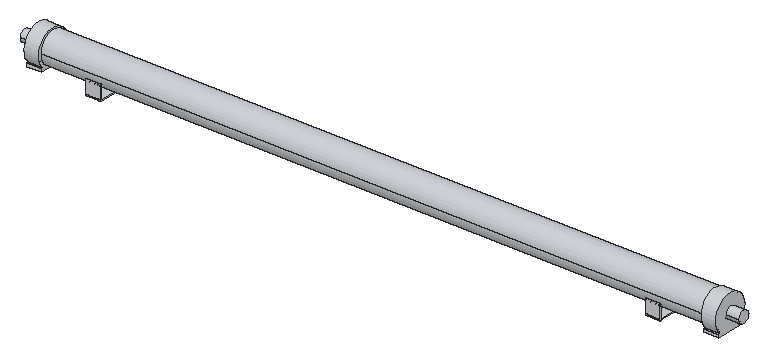
Revit family "0046371", category Lighting Fixtures, host Face, Revit 2017
Family settings
  Host = Face
  Round Connector Dimension = Use Diameter
  Part Type = Normal
  OmniClass Number = 23.80.70.00
  OmniClass Title = Lighting
  Cut with Voids When Loaded = No
  Light Source = Yes
  Shared = No
  Room Calculation Point = No
Parameters (values of type "0046371 ST WTRPRF SLIM 1500 IP65 3800LM 840")
  Weight = "11.16 kg"
  Wattage Comments = ""
  Wattage = 0 W
  WarrantyStartDate [instance] = "n/a"
  WarrantyGuarantorParts = "n/a"
  WarrantyDurationUnit = "n/a"
  WarrantyDurationParts = "n/a"
  WarrantyDescription = "n/a"
  built-in parameter 1150110 = 1 (stored number, unit not read)
  Voltage = 0 V
  URL = "http://www.sylvania-lighting.com"
  TypeName = "START Waterproof Slim 1500 IP65 3800lm 840"
  Type Image = <None>
  Type Comments = "n/a"
  built-in parameter 1114217 = 1 (stored number, unit not read)
  Tilt Angle = -90.00°
  built-in parameter 1150109 = 1 (stored number, unit not read)
  built-in parameter 1150134 = 12
  built-in parameter 1150113 = 1 (stored number, unit not read)
  SerialNumber [instance] = "n/a"
  Photometric Web File = "0046371.ies"
  Material_3_SYL = none
  PowerFactor = 0
  PowerConsumption = "n/a"
  NominalLength = 1403 mm
  NominalHeight = 64.5 mm
  NominalDepth = 67 mm
  Name = "START Waterproof Slim 1500 IP65 3800lm 840"
  ModelReference = Name  # "START Waterproof Slim 1500 IP65 3800lm 840"
  ModelNumber = "0046371"
  Model = Name  # "START Waterproof Slim 1500 IP65 3800lm 840"
  Material = "n/a"
  ManufacturerName = "Feilo Sylvania"
  Manufacturer = "Feilo Sylvania"
  MID_W_DIST_SYL = 47 mm
  LuminousEfficacy = "136 lm/W"
  built-in parameter 1150105 = (empty or 0)
  Lumens = 0 lm
  LuminaireType = ""
  built-in parameter 1150115 = 1 (stored number, unit not read)
  LightOutputRatio = "n/a"
  built-in parameter 1150137 = (empty or 0)
  built-in parameter 1150139 = (empty or 0)
  LampsType = Lamp  # "LED"
  LampNominalLuminous = "3800 lm"
  LampMacAdamStep = "n/a"
  LampColourTemperature = "4000 K"
  LampColourRenderingIndex = "80"
  built-in parameter 1150112 = 1 (stored number, unit not read)
  built-in parameter 1150114 = 1 (stored number, unit not read)
  Lamp = "LED"
  LENGHT_-1_SYL = (-1) * (LENGHT1_SYL)  # -686 mm
  LENGHT1_SYL = 686 mm
  LAM_D_SYL = 32.5 mm
  Keynote = "16500"
  InstallationDate [instance] = "n/a"
  InputVoltage = "n/a"
  InputNominalFrequency = "n/a"
  built-in parameter 1150132 = (empty or 0)
  built-in parameter 1150102 = (empty or 0)
  built-in parameter 1150107 = 4000 (stored number, unit not read)
  built-in parameter 1150138 = (empty or 0)
  IngressProtection = "IP65"
  ImpactProtectionIndex = "IK08"
  built-in parameter 1150106 = (empty or 0)
  IfcExportType = "IfcLightFixtureType"
  IfcExportAs = "IfcLightFixtureType"
  Emit from Circle Diameter = 609.6 mm
  Emit Shape Visible in Rendering = no
  ElectricShockClassification = "Class I"
  built-in parameter 1150104 = 12.635 (stored number, unit not read)
  DocumentationLiterature = "http://www.sylvania-lighting.com/product/en-int/products/0046371"
  DimmingControlOptions = "n/a"
  Material_2_SYL = none
  Dimming Lamp Color Temperature Shift = <None>
  Description = "START Waterproof Slim is a LED integrated polycarbonate housing luminaire with easy to access electrical terminal through bayonet lock end caps and tool-free electrical connection due to push-in terminal. Flexible installation as mounting brackets can be positioned freely on the luminaire. 28W; 3800lm; High efficiency with 136lm/W and 100,000 hours lifespan L70B50. SDCM < 5; IP65; IK08; Class I; 1488mm x 70mm x 69mm."
  Default Elevation = 1219.2 mm
  CreatedOn = "5/11/2021"
  CreatedBy = "@sylvania-lighting.com"
  Cost = 0
  Color Filter = 16777215
  built-in parameter 1114216 [instance] = (empty or 0)
  ClassificationValue = "EF_70_80"
  ClassificationName = "Uniclass2015"
  Material_1_SYL = none
  BarCode [instance] = "n/a"
  built-in parameter 1114218 = 1 (stored number, unit not read)
  built-in parameter 1150133 = 10 (stored number, unit not read)
  AssetType = "Fixed"
  AssetIdentifier [instance] = "n/a"
  Assembly Code = "D5020200"
  Apparent Load = 0 VA
  Material_4_SYL = none
Types (4, lengths in mm): name | TypeName | built-in parameter 1150134 | Photometric Web File | Name | ModelReference | ModelNumber | Model | LampNominalLuminous | LampColourTemperature | built-in parameter 1150107 | DocumentationLiterature | Description
  0046376 ST WTRPRF SLIM 1500 IP65 3800LM 865 | "START Waterproof Slim 1500 IP65 3800lm 865" | 1 | "0046376.ies" | "START Waterproof Slim 1500 IP65 3800lm 865" | "START Waterproof Slim 1500 IP65 3800lm 865" | "0046376" | "START Waterproof Slim 1500 IP65 3800lm 865" | "3800 lm" | "6500 K" | 6500 (stored number, unit not read) | "http://www.sylvania-lighting.com/product/en-int/products/0046376" | "START Waterproof Slim is a LED integrated polycarbonate housing luminaire with easy to access electrical terminal through bayonet lock end caps and tool-free electrical connection due to push-in terminal. Flexible installation as mounting brackets can be positioned freely on the luminaire. 28W; 3800lm; High efficiency with 136lm/W and 100,000 hours lifespan L70B50. SDCM < 5; IP65; IK08; Class I; 1488mm x 70mm x 69mm."
  0046372 ST WTRPRF SLIM 1500 IP65 7200LM 840 | "START Waterproof Slim 1500 IP65 7200lm 840" | 12 | "0046372.ies" | "START Waterproof Slim 1500 IP65 7200lm 840" | "START Waterproof Slim 1500 IP65 7200lm 840" | "0046372" | "START Waterproof Slim 1500 IP65 7200lm 840" | "7200 lm" | "4000 K" | 4000 (stored number, unit not read) | "http://www.sylvania-lighting.com/product/en-int/products/0046372" | "START Waterproof Slim is a LED integrated polycarbonate housing luminaire with easy to access electrical terminal through bayonet lock end caps and tool-free electrical connection due to push-in terminal. Flexible installation as mounting brackets can be positioned freely on the luminaire. 53W; 7200lm; High efficiency with 136lm/W and 100,000 hours lifespan L70B50. SDCM < 5; IP65; IK08; Class I; 1488mm x 70mm x 69mm."
  0046371 ST WTRPRF SLIM 1500 IP65 3800LM 840 | "START Waterproof Slim 1500 IP65 3800lm 840" | 12 | "0046371.ies" | "START Waterproof Slim 1500 IP65 3800lm 840" | "START Waterproof Slim 1500 IP65 3800lm 840" | "0046371" | "START Waterproof Slim 1500 IP65 3800lm 840" | "3800 lm" | "4000 K" | 4000 (stored number, unit not read) | "http://www.sylvania-lighting.com/product/en-int/products/0046371" | "START Waterproof Slim is a LED integrated polycarbonate housing luminaire with easy to access electrical terminal through bayonet lock end caps and tool-free electrical connection due to push-in terminal. Flexible installation as mounting brackets can be positioned freely on the luminaire. 28W; 3800lm; High efficiency with 136lm/W and 100,000 hours lifespan L70B50. SDCM < 5; IP65; IK08; Class I; 1488mm x 70mm x 69mm."
  0046377 ST WTRPRF SLIM 1500 IP65 7200LM 865 | "START Waterproof Slim 1500 IP65 7200lm 865" | 1 | "0046377.ies" | "START Waterproof Slim 1500 IP65 7200lm 865" | "START Waterproof Slim 1500 IP65 7200lm 865" | "0046377" | "START Waterproof Slim 1500 IP65 7200lm 865" | "7200 lm" | "6500 K" | 6500 (stored number, unit not read) | "http://www.sylvania-lighting.com/product/en-int/products/0046377" | "START Waterproof Slim is a LED integrated polycarbonate housing luminaire with easy to access electrical terminal through bayonet lock end caps and tool-free electrical connection due to push-in terminal. Flexible installation as mounting brackets can be positioned freely on the luminaire. 53W; 7200lm; High efficiency with 136lm/W and 100,000 hours lifespan L70B50. SDCM < 5; IP65; IK08; Class I; 1488mm x 70mm x 69mm."
Reference planes
  plane 1 "Center (Front/Back)": y = 0
  plane 2: z = 0
  plane 3 "Center (Left/Right)": x = 0
  plane 4: z = 47
  plane 5: z = 79.5
  plane 6: z = 12
  plane 7: y = 35
  plane 8: y = -35
  plane 9: z = 82
  plane 10: y = 29.5
  plane 11: y = -29.5
  plane 12: z = 18
  plane 13: y = 25.5
  plane 14: y = -25.5
  plane 15: z = 2
  plane 16: y = -27.5
  plane 17: y = 27.5
  plane 18: z = 59
  plane 19: x = 319
Forms (mm)
  Extrusion 1, solid
    sketch origin (319, 1524, 1219.2) x (0, 1, 0) y (0, 0, 1)
      loop
        circle (-1524, -1172.2) r 32.5
    from -686 <- "LENGHT_-1_SYL" to 686 <- "LENGHT1_SYL"
  Extrusion 2, solid
    sketch origin (319, 1524, 1219.2) x (0, 1, 0) y (0, 0, 1)
      loop
        arc (-1498.5, -1201.2) -> (-1524, -1137.2) -> (-1549.5, -1201.2) r 37.08
        line (-1549.5, -1201.2) -> (-1553.5, -1201.2) -> (-1553.5, -1207.2) -> (-1494.5, -1207.2) -> (-1494.5, -1201.2) -> (-1498.5, -1201.2)
    from -716 to -686
  Extrusion 3, solid
    sketch origin (319, 1524, 1219.2) x (0, 1, 0) y (0, 0, 1)
      loop
        line (-1494.5, -1184.388) -> (-1496.5, -1184.388) -> (-1496.5, -1215.2)
        arc (-1496.5, -1215.2) -> (-1497.086, -1216.614) -> (-1498.5, -1217.2) r 2
        line (-1498.5, -1217.2) -> (-1549.5, -1217.2)
        arc (-1549.5, -1217.2) -> (-1550.914, -1216.614) -> (-1551.5, -1215.2) r 2
        line (-1551.5, -1215.2) -> (-1551.5, -1184.388) -> (-1553.5, -1184.388) -> (-1553.5, -1216.2)
        arc (-1553.5, -1216.2) -> (-1552.621, -1218.321) -> (-1550.5, -1219.2) r 3
        line (-1550.5, -1219.2) -> (-1497.5, -1219.2)
        arc (-1497.5, -1219.2) -> (-1495.379, -1218.321) -> (-1494.5, -1216.2) r 3
        line (-1494.5, -1216.2) -> (-1494.5, -1184.388)
    from -594 to -564
  Extrusion 4, solid
    sketch origin (0, 0, 0) x (0, 1, 0) y (0, 0, 1)
      loop
        circle (0, 47) r 12
    from -425 to 1063
  Extrusion 5, solid
    sketch origin (319, 1524, 1219.2) x (0, 1, 0) y (0, 0, -1)
      loop
        line (-1498.5, 1201.2) -> (-1494.5, 1201.2) -> (-1494.5, 1207.2) -> (-1553.5, 1207.2) -> (-1553.5, 1201.2) -> (-1549.5, 1201.2)
        arc (-1549.5, 1201.2) -> (-1524, 1137.2) -> (-1498.5, 1201.2) r 37.08
    from -716 to -686
  Extrusion 6, solid
    sketch origin (319, 1524, 1219.2) x (0, 1, 0) y (0, 0, -1)
      loop
        line (-1494.5, 1184.388) -> (-1494.5, 1216.2)
        arc (-1494.5, 1216.2) -> (-1495.379, 1218.321) -> (-1497.5, 1219.2) r 3
        line (-1497.5, 1219.2) -> (-1550.5, 1219.2)
        arc (-1550.5, 1219.2) -> (-1552.621, 1218.321) -> (-1553.5, 1216.2) r 3
        line (-1553.5, 1216.2) -> (-1553.5, 1184.388) -> (-1551.5, 1184.388) -> (-1551.5, 1215.2)
        arc (-1551.5, 1215.2) -> (-1550.914, 1216.614) -> (-1549.5, 1217.2) r 2
        line (-1549.5, 1217.2) -> (-1498.5, 1217.2)
        arc (-1498.5, 1217.2) -> (-1497.086, 1216.614) -> (-1496.5, 1215.2) r 2
        line (-1496.5, 1215.2) -> (-1496.5, 1184.388) -> (-1494.5, 1184.388)
    from -594 to -564
Dimensions and locks
  "MID_W_DIST_SYL": plane 4 to host face
  "LAM_D_SYL": plane 4 to plane 5
  aligned and locked: plane 2 to host face
  aligned and locked: level to host face
  aligned and locked: Extrusion 2 to Extrusion 1
Automatic sketch dimensions
  host sketch curve to host sketch curve = 2438.4 mm  (x2)
  Extrusion 1 sketch curve to plane 1 "Center (Front/Back)" = 0 mm
  plane 4 to Extrusion 1 sketch curve = 0 mm
  plane 6 to Extrusion 2 sketch curve = 0 mm
  Extrusion 2 sketch curve to plane 11 = 0 mm
  plane 12 to Extrusion 2 sketch curve = 0 mm  (x2)
  Extrusion 2 sketch curve to plane 14 = 0 mm
  Extrusion 2 sketch curve to plane 1 "Center (Front/Back)" = 0 mm
  Extrusion 2 sketch curve to plane 10 = 0 mm
  plane 4 to Extrusion 2 sketch curve = 2.08 mm
  Extrusion 3 sketch curve to plane 11 = 0 mm
  Extrusion 3 sketch curve to plane 16 = 0 mm
  Extrusion 3 sketch curve to level = 0 mm
  Extrusion 3 sketch curve to plane 14 = 0 mm
  Extrusion 3 sketch curve to plane 13 = 0 mm
  Extrusion 3 sketch curve to plane 17 = 0 mm
  Extrusion 3 sketch curve to plane 10 = 0 mm
  plane 15 to Extrusion 3 sketch curve = 0 mm
  plane 14 to Extrusion 3 sketch curve = 1 mm
  Extrusion 3 sketch curve to plane 13 = 1 mm
  plane 4 to Extrusion 3 sketch curve = 12.187 mm
  plane 4 to Extrusion 3 sketch curve = 12.188 mm
  Extrusion 4 sketch curve to plane 1 "Center (Front/Back)" = 0 mm
  plane 4 to Extrusion 4 sketch curve = 0 mm
  plane 6 to Extrusion 5 sketch curve = 0 mm
  Extrusion 5 sketch curve to plane 11 = 0 mm
  plane 12 to Extrusion 5 sketch curve = 0 mm  (x2)
  Extrusion 5 sketch curve to plane 14 = 0 mm
  Extrusion 5 sketch curve to plane 1 "Center (Front/Back)" = 0 mm
  Extrusion 5 sketch curve to plane 10 = 0 mm
  plane 4 to Extrusion 5 sketch curve = 2.08 mm
  Extrusion 6 sketch curve to plane 11 = 0 mm
  Extrusion 6 sketch curve to plane 16 = 0 mm
  Extrusion 6 sketch curve to level = 0 mm
  Extrusion 6 sketch curve to plane 14 = 0 mm
  Extrusion 6 sketch curve to plane 13 = 0 mm
  Extrusion 6 sketch curve to plane 17 = 0 mm
  Extrusion 6 sketch curve to plane 10 = 0 mm
  plane 15 to Extrusion 6 sketch curve = 0 mm
  plane 14 to Extrusion 6 sketch curve = 1 mm
  Extrusion 6 sketch curve to plane 13 = 1 mm
  plane 4 to Extrusion 6 sketch curve = 12.187 mm
  plane 4 to Extrusion 6 sketch curve = 12.188 mm
  radius of Extrusion 1 sketch curve = 32.5 mm
  radius of Extrusion 4 sketch curve = 12 mm
Connectors
  electrical at (-425, 0, 47)
    settings: on Extrusion 4, index 1, voltage 0 V, apparent load 0 VA, apparent load phase1 0 VA, apparent load phase2 0 VA, apparent load phase3 0 VA, power factor 1, load classification "Other", number of poles 1, system type 31, power factor state 1, is connector primary yes, connector utility no, sub classification motor no, connector description ""
